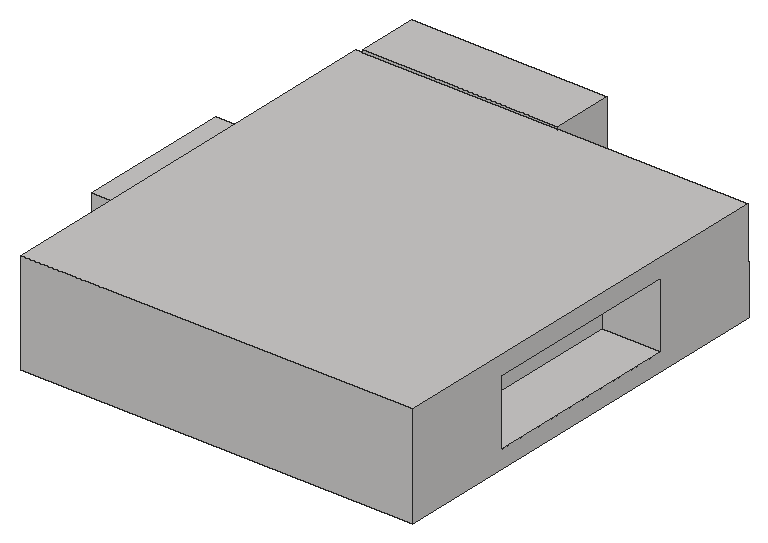
Revit family
Parameters
  Width = 3' - 7"
  Voltage = 120 V
  Unit Weight = "153.0 lbs"
  URL = "http://www.titus-hvac.com/"
  UL = "181"
  Supply Air Flow [instance] = 0 CFM
  Primary Air Pressure Drop [instance] = 0.00 in-wg
  Primary Air Flow [instance] = 0 CFM
  Plenum Air Pressure Drop [instance] = 0.00 in-wg
  Plenum Air Flow [instance] = 0 CFM
  Outlet Width = 1' - 8 1/2"
  Outlet Vertical Offset = 0' - 1 7/8"
  Outlet Horizontal Offset = 0' - 11 1/4"
  Outlet Height = 0' - 6 3/4"
  Number of Poles = 1
  Nominal Width = Width + 0' 6 1/4"  # 4' - 1 1/4"
  Nominal Length = Length + 0' 3 3/8"  # 3' - 7 5/8"
  Nominal Inlet Width = 1' - 4"
  Nominal Inlet Height = 0' - 8"
  Nominal Height = 0' - 10 3/4"
  No. of Motors = 2
  NFPA = "90A"
  Model = "DFLS"
  Min. Air Flow = 0 CFM
  Max. Air Flow = 1860 CFM
  Material = Steel
  Manufacturer = "Titus"
  Length = 3' - 4 1/4"
  Juction Box Offset = 0' - 0 3/4"
  Inlet Width = Nominal Inlet Width - 0' 0 1/8"  # 1' - 3 7/8"
  Inlet Height = Nominal Inlet Height - 0' 0 1/8"  # 0' - 7 7/8"
  Induced Air Inlet Offset V = 0' - 0 7/8"
  Induced Air Inlet Offset = 0' - 1 1/8"
  Induced Air Inlet Width = 0' - 10 3/8"
  Induced Air Inlet Height = 0' - 8 3/4"
  Induced Air Filter = no
  Height = 0' - 10 1/2"
  Heating Total Capacity [instance] = 0 Btu/h
  Half Outlet Connection Width = Outlet Width / 2  # 0' - 10 1/4"
  Half Outlet Connection Height = Outlet Height / 2  # 0' - 3 3/8"
  Half Height Start = -(Height / 2)  # -0' - 5 1/4"
  Half Height End = Height / 2  # 0' - 5 1/4"
  HP-Motor = "1/6"
  Full Load Amps = 8.2 A
  Frequency = 60 Hz
  Foil Face Liner = Choose Liner Option = 1  # no
  Fiber Free Liner = Choose Liner Option = 2  # no
  Fan Disconnect Switch = no
  Description = "Series Fan Powered Terminal Unit, Direct Digital Control, Pressure Independent, Low Profile"
  Connection Void Radius = Connection Radius - 0' 0 1/4"  # 0' - 3 11/16"
  Connection Radius = Inlet Height / 2  # 0' - 3 15/16"
  Choose Liner Option = 0
  CADworks URL = "www.CADworks.net"
  Assembly Code = "D3040100"
  Apparent Power = Voltage * Full Load Amps  # 984 VA
  Air Inlet Offset = 1' - 9 5/8"
  1/2" Fiberglass Liner = Choose Liner Option = 0  # yes
Reference planes (in)
  plane 1 "Center (Front/Back)": y = 0
  plane 2: z = 0
  plane 3 "Center (Left/Right)": x = 3
  plane 4: x = -17.125
  plane 5: x = 23.125
  plane 6: x = -16.375
  plane 7: x = -20.5
  plane 8 "Center (Elevation)": z = 0
  plane 9: y = -21.5
  plane 10: y = 21.5
  plane 11: y = -0.125
  plane 12: y = -20.375
  plane 13: x = -11.125
  plane 14: x = 17.125
  plane 15: z = 5.25
  plane 16: z = -5.25
  plane 17: y = 27.75
  plane 18: y = 20.375
Forms (in)
  Extrusion 1, solid, material "Steel" <- "Material"
    sketch origin (0, 0, 0) x (1, 0, 0) y (0, 1, 0)
      loop
        line (-17.125, 21.5) -> (-17.125, -21.5) -> (23.125, -21.5) -> (23.125, 21.5) -> (-17.125, 21.5)
    from -5.25 <- "Half Height Start" to 5.25 <- "Half Height End"
  Extrusion 2, solid, material "Steel" <- "Material"
    sketch origin (2.25, 0, -4.125) x (1, 0, 0) y (0, 1, 0)
      loop
        line (-18.625, 21.5) -> (1.375, 21.5) -> (1.375, 27.75) -> (-18.625, 27.75) -> (-18.625, 21.5)
    from 0 to 9.625
  Extrusion 3, void
    sketch origin (23.125, 21.5, -0.5) x (0, 1, 0) y (0, 0, -1)
      loop
        line (-11.25, -3.875) -> (-11.25, 2.875) -> (-31.75, 2.875) -> (-31.75, -3.875) -> (-11.25, -3.875)
    from 0 to 6
  Extrusion 4, solid, material "Steel" <- "Material"
    sketch origin (-26.9375, -3.125, 0) x (0, 0, -1) y (0, 1, 0)
      loop
        line (-3.9375, -4.9375) -> (3.9375, -4.9375) -> (3.9375, 10.9375) -> (-3.9375, 10.9375) -> (-3.9375, -4.9375)
    from 6.4375 to 9.8125
  Extrusion 5, void
    sketch origin (-17.125, -21.5, 0) x (0, -1, 0) y (0, 0, -1)
      loop
        line (-11.5, -4.375) -> (-1.125, -4.375) -> (-1.125, 4.375) -> (-11.5, 4.375) -> (-11.5, -4.375)
    from 0 to 6
  Extrusion 6, void
    sketch origin (-27.9375, -11, 0) x (0, 1, 0) y (0, 0, 1)
      loop
        line (18.5625, 3.6875) -> (3.1875, 3.6875) -> (3.1875, -3.6875) -> (18.5625, -3.6875) -> (18.5625, 3.6875)
    from 7.4375 to 16.8125
  Extrusion 7, void
    sketch origin (-17.125, 21.5, 0) x (0, 1, 0) y (0, 0, 1)
      loop
        line (-11.5, 4.375) -> (-11.5, -4.375) -> (-1.125, -4.375) -> (-1.125, 4.375) -> (-11.5, 4.375)
    from 0 to 6
Cuts and joins
  Extrusion 3, Extrusion 5, Extrusion 6, Extrusion 7 cuts Extrusion 1
  Extrusion 6 cuts Extrusion 4
Dimensions and locks (in)
  "Length": plane 5 to plane 4
  equal spacing: plane 5, plane 3 "Center (Left/Right)", plane 4, locked at 20.125 each
  locked: Extrusion 2 to Extrusion 2 at 20
  "Juction Box Offset": plane 6 to plane 4
  "Outlet Height": Extrusion 3 sketch curve to Extrusion 3 sketch curve
  "Outlet Width": Extrusion 3 sketch curve to Extrusion 3 sketch curve
  locked: plane 4 to plane 7 at 3.375
  "Width": plane 9 to plane 10
  equal spacing: plane 9, plane 1 "Center (Front/Back)", plane 10, locked at 21.5 each
  locked: Extrusion 2 to Extrusion 2 at 6.25
  "Air Inlet Offset": plane 10 to plane 11
  "Induced Air Inlet Offset": plane 9 to plane 12
  "Induced Air Inlet Width": Extrusion 5 sketch curve to Extrusion 5 sketch curve
  "Induced Air Inlet Height": Extrusion 5 sketch curve to Extrusion 5 sketch curve
  "Induced Air Inlet Offset": Extrusion 5 sketch curve to plane 9
  "Inlet Width": Extrusion 4 sketch curve to Extrusion 4 sketch curve
  equal spacing: Extrusion 4 sketch curve, plane 11, Extrusion 4 sketch curve
  "Inlet Height": Extrusion 4 sketch curve to Extrusion 4 sketch curve
  equal spacing: Extrusion 4 sketch curve, plane 8 "Center (Elevation)", Extrusion 4 sketch curve
  equal spacing: Extrusion 3 sketch curve, plane 8 "Center (Elevation)", Extrusion 3 sketch curve, locked at 3.375 each
  "Outlet Horizontal Offset": plane 10 to Extrusion 3 sketch curve
  "Induced Air Inlet Offset V": cut or joined group of Extrusion 1, Extrusion 3, Extrusion 5, Extrusion 6, Extrusion 7 to Extrusion 5 sketch curve
  "Induced Air Inlet Width": Extrusion 7 sketch curve to Extrusion 7 sketch curve
  "Induced Air Inlet Height": Extrusion 7 sketch curve to Extrusion 7 sketch curve
  locked: plane 4 to plane 13 at 6
  locked: plane 14 to plane 5 at 6
  locked: Extrusion 2 to Extrusion 2 at 9.625
  locked: plane 16 to Extrusion 2 at 1.125
  equal spacing: plane 15, level, plane 16, locked at 5.25 each
  "Induced Air Inlet Offset": Extrusion 7 sketch curve to plane 10
  "Induced Air Inlet Offset V": plane 15 to Extrusion 7 sketch curve
  "Inlet Width": cut or joined group of Extrusion 4, Extrusion 6 to cut or joined group of Extrusion 4, Extrusion 6
  equal spacing: cut or joined group of Extrusion 4, Extrusion 6, plane 11, cut or joined group of Extrusion 4, Extrusion 6, locked at 7.9375 each
  locked: cut or joined group of Extrusion 4, Extrusion 6 to cut or joined group of Extrusion 4, Extrusion 6 at 0.25  (x4)
  "Inlet Height": cut or joined group of Extrusion 4, Extrusion 6 to cut or joined group of Extrusion 4, Extrusion 6
  equal spacing: cut or joined group of Extrusion 4, Extrusion 6, level, cut or joined group of Extrusion 4, Extrusion 6, locked at 3.9375 each
  "Induced Air Inlet Offset": plane 18 to plane 10
  aligned and locked: Extrusion 3 to plane 14
  aligned and locked: Extrusion 5 to Extrusion 6
  aligned and locked: Extrusion 6 to plane 7
  aligned and locked: Extrusion 6 to Extrusion 7
  aligned and locked: plane 15 to cut or joined group of Extrusion 1, Extrusion 3, Extrusion 5, Extrusion 6, Extrusion 7
  aligned and locked: plane 16 to cut or joined group of Extrusion 1, Extrusion 3, Extrusion 5, Extrusion 6, Extrusion 7
  aligned and locked: plane 9 to cut or joined group of Extrusion 1, Extrusion 3, Extrusion 5, Extrusion 6, Extrusion 7
  aligned and locked: plane 10 to cut or joined group of Extrusion 1, Extrusion 3, Extrusion 5, Extrusion 6, Extrusion 7
  aligned and locked: plane 10 to Extrusion 2
  aligned and locked: plane 17 to Extrusion 2
  aligned and locked: plane 6 to Extrusion 2
  aligned and locked: plane 5 to cut or joined group of Extrusion 1, Extrusion 3, Extrusion 5, Extrusion 6, Extrusion 7  (x2)
  aligned and locked: plane 4 to cut or joined group of Extrusion 1, Extrusion 3, Extrusion 5, Extrusion 6, Extrusion 7  (x3)
  aligned and locked: plane 12 to cut or joined group of Extrusion 1, Extrusion 3, Extrusion 5, Extrusion 6, Extrusion 7
  aligned and locked: plane 13 to cut or joined group of Extrusion 1, Extrusion 3, Extrusion 5, Extrusion 6, Extrusion 7  (x3)
  aligned and locked: plane 7 to cut or joined group of Extrusion 4, Extrusion 6  (x2)
  aligned and locked: plane 4 to cut or joined group of Extrusion 4, Extrusion 6
  aligned and locked: plane 18 to cut or joined group of Extrusion 1, Extrusion 3, Extrusion 5, Extrusion 6, Extrusion 7
  aligned and locked: plane 14 to cut or joined group of Extrusion 1, Extrusion 3, Extrusion 5, Extrusion 6, Extrusion 7
Automatic sketch dimensions
  Extrusion 1 sketch curve to plane 4 = 0' - 0"
  Extrusion 1 sketch curve to plane 5 = 0' - 0"
  Extrusion 1 sketch curve to plane 9 = 0' - 0"
  Extrusion 1 sketch curve to plane 10 = 0' - 0"
  Extrusion 2 sketch curve to plane 6 = 0' - 0"
  Extrusion 2 sketch curve to plane 10 = 0' - 0"
  plane 3 "Center (Left/Right)" to Extrusion 2 sketch curve = 0' - 0 5/8"
  Extrusion 2 sketch curve to Extrusion 2 sketch curve = 0' - 6 1/4"
  level to Extrusion 6 sketch curve = 0' - 3 11/16"
  plane 11 to Extrusion 6 sketch curve = 0' - 7 11/16"
  Extrusion 6 sketch curve to level = 0' - 3 11/16"
  Extrusion 6 sketch curve to plane 1 "Center (Front/Back)" = 0' - 7 9/16"
Connectors (in)
  electrical at (-6.375, 27.75, 0.6875), driven by "Apparent Power", driven by "Voltage", driven by "Number of Poles"
    settings: on Extrusion 2, index 8
  hvac at (-20.5, -0.125, 0), driven by "Nominal Inlet Height", driven by "Nominal Inlet Width", driven by "Primary Air Pressure Drop", driven by "Primary Air Flow"
    settings: on cut or joined group of Extrusion 4, Extrusion 6, index 12
  hvac at (-17.125, -15.1875, 0), driven by "Induced Air Inlet Height", driven by "Induced Air Inlet Width", driven by "Plenum Air Pressure Drop", driven by "Plenum Air Flow"
    settings: on cut or joined group of Extrusion 1, Extrusion 3, Extrusion 5, Extrusion 6, Extrusion 7, index 14
  hvac at (23.125, 0, 0), driven by "Outlet Height", driven by "Outlet Width", driven by "Supply Air Flow"
    settings: on cut or joined group of Extrusion 1, Extrusion 3, Extrusion 5, Extrusion 6, Extrusion 7, index 16
  hvac at (-17.125, 15.1875, 0), driven by "Induced Air Inlet Height", driven by "Induced Air Inlet Width", driven by "Plenum Air Pressure Drop", driven by "Plenum Air Flow"
    settings: on cut or joined group of Extrusion 1, Extrusion 3, Extrusion 5, Extrusion 6, Extrusion 7, index 17
